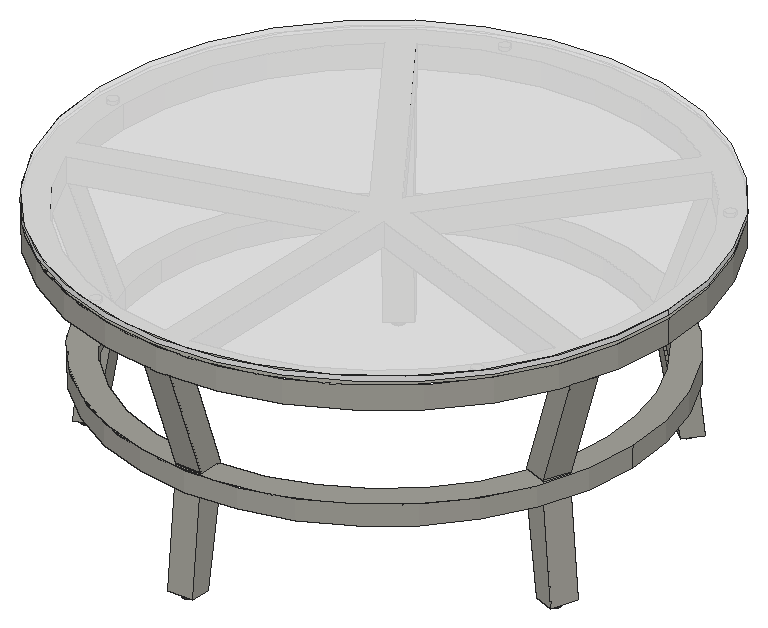
Revit family "Haworth_Janus_Slant_Table_Cocktail_Round", category Furniture, Revit 2018
Family settings
  OmniClass Number = 23.40.70.14.64.21
  OmniClass Title = Systems Furniture
  Work Plane-Based = No
  Always vertical = Yes
  Cut with Voids When Loaded = No
  Shared = No
  Room Calculation Point = No
Parameters (values of type "HCJC-SL-TON40-G")
  Warranty = "https://www.haworth.com/resources/product-info/warranties"
  URL - Product = "https://www.haworth.com/products/tables/outdoor/slant"
  Trim Finish [instance] = Haworth _ Paint _ Slant _ Sable
  Top Finish = Haworth _ Glass _ Frosted
  Radius = Actual Width / 2  # 20"
  Model = "HCJC-SL-TON40-G"
  URL = "http://www.haworth.com/our-brands/haworth-collection"
  Size = "Verify Final Dim. w/ Haworth"  # constant formula
  Revision Number = "2"  # constant formula
  Standard Height = "17.5 in."  # constant formula
  Manufacturer = "Haworth"  # constant formula
  Description = "Haworth Janus Slant Round Cocktail Table"
  Author = "Haworth (Abd Rahman)"  # constant formula
  Assembly Code = "E2020200"
  Actual Width = 40"  # constant formula
  Actual Height = 17 1/2"  # constant formula
  Table Thickness = Actual Height - 3/8"  # 17 1/8"
  Standard Depths = "40 in."  # constant formula
  Actual Depth = Actual Width  # 40"
Reference planes (in)
  plane 1 "Center F/B": y = -0.15866
  plane 2 "Floor": z = 0
  plane 3 "Center L/R": x = 0
  plane 4 "Table Edge Left": x = -20
  plane 5 "Table Edge Right": x = 20
  plane 6 "Table Edge Back": y = -20.15866
  plane 7 "Table Edge Front": y = 19.84134
  plane 8 "Table Top Top": z = 17.5
  plane 9: z = 0
  plane 10 "Table Bottom": z = 17.125
  plane 11: z = 16.94265
  plane 12: z = 15.3626
  plane 13: z = 7.95641
  plane 14: z = 6.70643
Forms (in)
  Extrusion 1, solid, material "Haworth _ Glass _ Frosted" <- "Top Finish"
    sketch origin (0, 0, 0) x (1, 0, 0) y (0, 1, 0)
      loop
        circle (0, -0.15866) r 20
    from 17.125 to 17.5
  Extrusion 2, solid, material "Haworth _ Paint _ Slant _ Sable" <- "Trim Finish"
    sketch origin (0, 0, 0) x (1, 0, 0) y (0, 1, 0)
      loop
        circle (15.42242, -11.26802) r 0.34129
      loop
        circle (15.32867, 11.08024) r 0.34129
      loop
        circle (-5.95726, 17.89387) r 0.34129
      loop
        circle (-19.00944, -0.23982) r 0.34129
      loop
        circle (-5.80124, -18.26271) r 0.34129
    from 16.94265 to 17.125
Lines and regions (in)
  Masking region 1
    outline origin (0, 0, 0) x (1, 0, 0) y (0, 1, 0)
      loop
        circle (-0.00461, -0.18229) r 19.99099
Dimensions and locks (in)
  "Actual Width": plane 4 "Table Edge Left" to plane 5 "Table Edge Right"
  equal spacing: plane 4 "Table Edge Left", plane 3 "Center L/R", plane 5 "Table Edge Right"
  "Actual Depth": plane 7 "Table Edge Front" to plane 6 "Table Edge Back"
  equal spacing: plane 7 "Table Edge Front", plane 1 "Center F/B", plane 6 "Table Edge Back"
  "Actual Height": plane 9 to plane 8 "Table Top Top"
  "Actual Height": plane 8 "Table Top Top" to plane 9
  radius of Extrusion 1 sketch curve = 20"
  aligned and locked: plane 8 "Table Top Top" to Extrusion 1  (x3)
  aligned and locked: Extrusion 1 to plane 10 "Table Bottom"  (x2)
  aligned and locked: plane 10 "Table Bottom" to Extrusion 2
  aligned and locked: Extrusion 2 to plane 11
Automatic sketch dimensions
  plane 1 "Center F/B" to Extrusion 1 sketch curve = 0"
  Extrusion 1 sketch curve to plane 3 "Center L/R" = 0"
  Masking region 1 sketch curve to plane 3 "Center L/R" = 0.00461"
  plane 1 "Center F/B" to Masking region 1 sketch curve = 0.02363"
  plane 1 "Center F/B" to Extrusion 2 sketch curve = 0.08116"
  plane 4 "Table Edge Left" to Extrusion 2 sketch curve = 0.99056"
  Extrusion 2 sketch curve to plane 7 "Table Edge Front" = 1.94747"
  Extrusion 2 sketch curve to plane 3 "Center L/R" = 5.95726"
  plane 6 "Table Edge Back" to Extrusion 2 sketch curve = 1.89595"
  Extrusion 2 sketch curve to plane 3 "Center L/R" = 5.80124"
  Extrusion 2 sketch curve to plane 5 "Table Edge Right" = 4.67133"
  Extrusion 2 sketch curve to plane 5 "Table Edge Right" = 4.57758"
  plane 6 "Table Edge Back" to Extrusion 2 sketch curve = 8 57/64"
  Extrusion 2 sketch curve to plane 7 "Table Edge Front" = 8.7611"
  radius of Extrusion 1 sketch curve = 20"
  radius of Masking region 1 sketch curve = 19.99099"
  radius of Extrusion 2 sketch curve = 0.34129"  (x5)
Nested families (in)
  nested 1: "Haworth_Janus_Slant_RoundCocktailTable_PART" at (-0.00461, -0.00019, 0.00977), Frame Finish <- "Trim Finish", type "HCJC-SL-TON40-G - PART"
    with Frame Finish Haworth _ Paint _ Slant _ Sable
Definition of nested family "Haworth_Janus_Slant_RoundCocktailTable_PART"
  Parameters (values of type "HCJC-SL-TON40-G - PART")
    Warranty = "https://www.haworth.com/resources/product-info/warranties"
    URL - Product = "https://www.haworth.com/products/tables/outdoor/slant"
    Model = "HCJC-SL-TON40-G"
    URL = "http://www.haworth.com/our-brands/haworth-collection"
    Size = "Verify Final Dim. w/ Haworth"  # constant formula
    Revision Number = "2"  # constant formula
    Manufacturer = "Haworth"  # constant formula
    Glide Height = 45" / 128  # 45/128"
    Glide Finish = none
    Frame Finish [instance] = none
    Description = "Haworth Slant Round Cocktail Table - PART"
    Author = "Haworth (Abd Rahman)"  # constant formula
    Assembly Code = "E2020200"
    Actual Height = 17 1/2"  # constant formula
  Reference planes (in)
    plane 1 "Center F/B": y = -0.15866
    plane 2 "Floor": z = 0
    plane 3 "Center L/R": x = 0
    plane 4: z = 0
    plane 5: z = 17.5
    plane 6: z = 8.00849
    plane 7: z = 6.64393
    plane 8 "Glide Top": z = 0.35156
  Forms (in)
    Extrusion 1, solid, material <- "Frame Finish"
      sketch origin (0, -9.75, 0) x (0, 1, 0) y (0, 0, 1)
        loop
          line (-8.6363, 15.34306) -> (-10.34069, 15.34306) -> (-7.66466, 8.10667) -> (-7.68174, 6.65852) -> (-8.34177, 0.35156) -> (-6.99016, 0.35156) -> (-5.95963, 6.547) -> (-5.95963, 8.10666) -> (-8.6363, 15.34306)
      from -0.87713 to 0.88474
    Revolve 2, solid, material <- "Glide Finish"
      sketch origin (0, -9.7356, -0.29687) x (0, 1, 0) y (0, 0, 1)
        loop
          line (-7.67368, 0.64844) -> (-8.04848, 0.64844) -> (-8.04848, 0.39688)
          arc (-8.04848, 0.39688) -> (-8.01919, 0.32617) -> (-7.94848, 0.29688) r 0.1
          line (-7.94848, 0.29688) -> (-7.67368, 0.29688) -> (-7.67368, 0.64844)
        axis (-7.67368, 0.64844) -> (-7.67368, 0.29688)
      angle from 0 to 360
    Revolve 3, solid, material <- "Glide Finish"
      sketch origin (-16.49349, 2.02636, -0.29687) x (0, 1, 0) y (0, 0, 1)
        loop
          line (-7.67368, 0.64844) -> (-8.04848, 0.64844) -> (-8.04848, 0.39688)
          arc (-8.04848, 0.39688) -> (-8.01919, 0.32617) -> (-7.94848, 0.29688) r 0.1
          line (-7.94848, 0.29688) -> (-7.67368, 0.29688) -> (-7.67368, 0.64844)
        axis (-7.67368, 0.64844) -> (-7.67368, 0.29688)
      angle from 0 to 360
    Revolve 4, solid, material <- "Glide Finish"
      sketch origin (-10.10325, 21.41164, -0.29687) x (0, 1, 0) y (0, 0, 1)
        loop
          line (-7.67368, 0.64844) -> (-8.04848, 0.64844) -> (-8.04848, 0.39688)
          arc (-8.04848, 0.39688) -> (-8.01919, 0.32617) -> (-7.94848, 0.29688) r 0.1
          line (-7.94848, 0.29688) -> (-7.67368, 0.29688) -> (-7.67368, 0.64844)
        axis (-7.67368, 0.64844) -> (-7.67368, 0.29688)
      angle from 0 to 360
    Revolve 5, solid, material <- "Glide Finish"
      sketch origin (10.1522, 21.41131, -0.29687) x (0, 1, 0) y (0, 0, 1)
        loop
          line (-7.67368, 0.64844) -> (-8.04848, 0.64844) -> (-8.04848, 0.39688)
          arc (-8.04848, 0.39688) -> (-8.01919, 0.32617) -> (-7.94848, 0.29688) r 0.1
          line (-7.94848, 0.29688) -> (-7.67368, 0.29688) -> (-7.67368, 0.64844)
        axis (-7.67368, 0.64844) -> (-7.67368, 0.29688)
      angle from 0 to 360
    Revolve 6, solid, material <- "Glide Finish"
      sketch origin (16.3946, 2.12034, -0.29687) x (0, 1, 0) y (0, 0, 1)
        loop
          line (-7.67368, 0.64844) -> (-8.04848, 0.64844) -> (-8.04848, 0.39688)
          arc (-8.04848, 0.39688) -> (-8.01919, 0.32617) -> (-7.94848, 0.29688) r 0.1
          line (-7.94848, 0.29688) -> (-7.67368, 0.29688) -> (-7.67368, 0.64844)
        axis (-7.67368, 0.64844) -> (-7.67368, 0.29688)
      angle from 0 to 360
    Extrusion 7, solid, material <- "Frame Finish"
      sketch origin (0, 0, 0) x (1, 0, 0) y (0, 1, 0)
        loop
          circle (0, -0.15866) r 15.73707
        loop
          circle (0, -0.15866) r 17.48941
      from 6.64393 to 8.00849
    Extrusion 8, solid, material <- "Frame Finish"
      sketch origin (-9.15481, -3.05279, 0) x (0.948712, 0.316142, 0) y (0, 0, 1)
        loop
          line (-8.6363, 15.34306) -> (-10.34069, 15.34306) -> (-7.66466, 8.10667) -> (-7.68174, 6.65852) -> (-8.34177, 0.35156) -> (-6.99016, 0.35156) -> (-5.95963, 6.547) -> (-5.95963, 8.10666) -> (-8.6363, 15.34306)
      from -0.87713 to 0.88474
    Extrusion 9, solid, material <- "Frame Finish"
      sketch origin (9.15481, -3.05279, 0) x (-0.948712, 0.316142, 0) y (0, 0, -1)
        loop
          line (-8.6363, -15.34306) -> (-5.95963, -8.10666) -> (-5.95963, -6.547) -> (-6.99016, -0.35156) -> (-8.34177, -0.35156) -> (-7.68174, -6.65852) -> (-7.66466, -8.10667) -> (-10.34069, -15.34306) -> (-8.6363, -15.34306)
      from -0.87713 to 0.88474
    Extrusion 10, solid, material <- "Frame Finish"
      sketch origin (-5.5827, 7.73606, 0) x (0.598608, -0.801042, 0) y (0, 0, 1)
        loop
          line (-8.6363, 15.34306) -> (-10.34069, 15.34306) -> (-7.66466, 8.10667) -> (-7.68174, 6.65852) -> (-8.34177, 0.35156) -> (-6.99016, 0.35156) -> (-5.95963, 6.547) -> (-5.95963, 8.10666) -> (-8.6363, 15.34306)
      from -0.87713 to 0.88474
    Extrusion 11, solid, material <- "Frame Finish"
      sketch origin (5.5827, 7.73606, 0) x (-0.598608, -0.801042, 0) y (0, 0, -1)
        loop
          line (-8.6363, -15.34306) -> (-5.95963, -8.10666) -> (-5.95963, -6.547) -> (-6.99016, -0.35156) -> (-8.34177, -0.35156) -> (-7.68174, -6.65852) -> (-7.66466, -8.10667) -> (-10.34069, -15.34306) -> (-8.6363, -15.34306)
      from -0.87713 to 0.88474
    Extrusion 12, solid, material <- "Frame Finish"
      sketch origin (0, 0.00179, 0) x (1, 0, 0) y (0, 1, 0)
        loop
          line (-11.50392, 14.26648) -> (-1.32432, 0.25642) -> (-17.72373, -5.07266) -> (-17.17743, -6.75381) -> (-0.77802, -1.42474) -> (-0.77747, -18.57943) -> (0.99022, -18.57943) -> (0.98966, -1.42468) -> (17.30492, -6.72524) -> (17.85111, -5.04405) -> (1.53585, 0.25651) -> (11.61868, 14.13528) -> (10.18856, 15.17425) -> (0.10573, 1.29548) -> (-10.07387, 15.30555) -> (-11.50392, 14.26648)
      from 15.34306 to 16.93333
    Extrusion 13, solid, material <- "Frame Finish"
      sketch origin (0, 0, 0) x (1, 0, 0) y (0, 1, 0)
        loop
          circle (0, -0.15866) r 20
        loop
          circle (0, -0.15866) r 18.36963
      from 15.34306 to 16.93333
  Cuts and joins
    joined: Extrusion 1, Extrusion 7, Extrusion 8, Extrusion 9, Extrusion 10, Extrusion 11
    joined: Extrusion 12, Extrusion 13
  Lines and regions (in)
    Masking region 1
      outline origin (0, 0, 0) x (1, 0, 0) y (0, 1, 0)
        loop
          line (1.40281, 0.30153) -> (11.48084, 14.17369) -> (10.05715, 15.22152) -> (-0.00484, 1.37144) -> (-10.0625, 15.21367) -> (-11.49255, 14.17461) -> (-1.43349, 0.33045) -> (-17.73423, -4.96657) -> (-17.18765, -6.64859) -> (-0.87767, -1.34857) -> (-0.87711, -18.51183) -> (0.89057, -18.51183) -> (0.89002, -1.39051) -> (17.17406, -6.68093) -> (17.72025, -4.99974) -> (1.40281, 0.30153)
    Masking region 2
      outline origin (0, 0, 0) x (1, 0, 0) y (0, 1, 0)
        loop
          circle (0, -0.15866) r 20
        loop
          circle (0, -0.15866) r 18.36963
    symbolic lines
      curve 1: line (-8.44757, 13.03503, 0) -> (-11.0701, 16.54444, 0)
      curve 2: line (-12.48144, 15.48977, 0) -> (-9.8589, 11.98036, 0)
      curve 3: line (-11.0701, 16.54444, 0) -> (-12.48144, 15.48977, 0)
      curve 4: line (-9.8589, 11.98036, 0) -> (-8.44757, 13.03503, 0)
      curve 5: line (9.8589, 11.98036, 0) -> (12.48144, 15.48977, 0)
      curve 6: line (11.0701, 16.54444, 0) -> (8.44757, 13.03503, 0)
      curve 7: line (8.44757, 13.03503, 0) -> (9.8589, 11.98036, 0)
      curve 8: line (12.48144, 15.48977, 0) -> (11.0701, 16.54444, 0)
      curve 9: line (14.52907, -5.77625, 0) -> (18.68543, -7.16128, 0)
      curve 10: line (19.24244, -5.48977, 0) -> (15.08608, -4.10474, 0)
      curve 11: line (18.68543, -7.16128, 0) -> (19.24244, -5.48977, 0)
      curve 12: line (15.08608, -4.10474, 0) -> (14.52907, -5.77625, 0)
      curve 13: line (-0.87713, -15.70963, 0) -> (-0.87713, -20.09069, 0)
      curve 14: line (0.88474, -20.09069, 0) -> (0.88474, -15.70963, 0)
      curve 15: line (-0.87713, -20.09069, 0) -> (0.88474, -20.09069, 0)
      curve 16: line (0.88474, -15.70963, 0) -> (-0.87713, -15.70963, 0)
      curve 17: line (-15.08608, -4.10474, 0) -> (-19.24244, -5.48977, 0)
      curve 18: line (-18.68543, -7.16128, 0) -> (-14.52907, -5.77625, 0)
      curve 19: line (-14.52907, -5.77625, 0) -> (-15.08608, -4.10474, 0)
      curve 20: line (-19.24244, -5.48977, 0) -> (-18.68543, -7.16128, 0)
  Dimensions and locks (in)
    "Glide Height": plane 8 "Glide Top" to plane 4
    "Actual Height": plane 5 to plane 4
    aligned and locked: plane 8 "Glide Top" to Revolve 2
    aligned and locked: plane 6 to Extrusion 7
    aligned and locked: Extrusion 7 to plane 7
  Automatic sketch dimensions
    Extrusion 1 sketch curve to plane 8 "Glide Top" = 0"
    Extrusion 1 sketch curve to plane 5 = 2.15694"
    plane 1 "Center F/B" to Extrusion 1 sketch curve = 19.93203"
    Extrusion 1 sketch curve to Extrusion 1 sketch curve = 1.70439"
    Extrusion 1 sketch curve to Extrusion 1 sketch curve = 0.29453"
    plane 7 to Extrusion 1 sketch curve = 0.0146"
    Extrusion 1 sketch curve to Extrusion 1 sketch curve = 0.66003"
    plane 6 to Extrusion 1 sketch curve = 0.09819"
    Extrusion 1 sketch curve to Extrusion 1 sketch curve = 0.01709"
    Extrusion 1 sketch curve to Extrusion 1 sketch curve = 1.35161"
    Extrusion 1 sketch curve to plane 7 = 0.09693"
    Extrusion 1 sketch curve to Extrusion 1 sketch curve = 1.72212"
    plane 6 to Extrusion 1 sketch curve = 0.09817"
    Revolve 2 sketch curve to plane 8 "Glide Top" = 0"
    plane 1 "Center F/B" to Revolve 2 sketch curve = 17.62543"
    level to Revolve 2 sketch curve = 0"
    Revolve 2 sketch curve to Revolve 2 sketch curve = 0.1"
    Revolve 2 sketch curve to Revolve 2 sketch curve = 0.2748"
    Revolve 2 sketch curve to Revolve 2 sketch curve = 0"
    Revolve 2 sketch curve to level = 0.00293"
    Revolve 2 sketch curve to plane 8 "Glide Top" = 0.00449"
    Revolve 3 sketch curve to plane 8 "Glide Top" = 0"
    plane 1 "Center F/B" to Revolve 3 sketch curve = 5.86346"
    level to Revolve 3 sketch curve = 0"
    Revolve 3 sketch curve to Revolve 3 sketch curve = 0.1"
    Revolve 3 sketch curve to Revolve 3 sketch curve = 0.2748"
    Revolve 3 sketch curve to Revolve 3 sketch curve = 0"
    Revolve 3 sketch curve to level = 0.00293"
    Revolve 3 sketch curve to Revolve 3 sketch curve = 0.00449"
    Revolve 4 sketch curve to plane 8 "Glide Top" = 0"
    Revolve 4 sketch curve to plane 1 "Center F/B" = 13.52182"
    level to Revolve 4 sketch curve = 0"
    Revolve 4 sketch curve to Revolve 4 sketch curve = 0.1"
    Revolve 4 sketch curve to Revolve 4 sketch curve = 0.2748"
    Revolve 4 sketch curve to Revolve 4 sketch curve = 0"
    Revolve 4 sketch curve to level = 0.00293"
    Revolve 4 sketch curve to Revolve 4 sketch curve = 0.00449"
    Revolve 5 sketch curve to plane 8 "Glide Top" = 0"
    Revolve 5 sketch curve to plane 1 "Center F/B" = 13.52148"
    level to Revolve 5 sketch curve = 0"
    Revolve 5 sketch curve to Revolve 5 sketch curve = 0.1"
    Revolve 5 sketch curve to Revolve 5 sketch curve = 0.2748"
    Revolve 5 sketch curve to Revolve 5 sketch curve = 0"
    Revolve 5 sketch curve to level = 0.00293"
    Revolve 5 sketch curve to Revolve 5 sketch curve = 0.00449"
    Revolve 6 sketch curve to plane 8 "Glide Top" = 0"
    plane 1 "Center F/B" to Revolve 6 sketch curve = 5.76948"
    level to Revolve 6 sketch curve = 0"
    Revolve 6 sketch curve to Revolve 6 sketch curve = 0.1"
    Revolve 6 sketch curve to Revolve 6 sketch curve = 0.2748"
    Revolve 6 sketch curve to Revolve 6 sketch curve = 0"
    Revolve 6 sketch curve to level = 0.00293"
    Revolve 6 sketch curve to Revolve 6 sketch curve = 0.00449"
    Extrusion 7 sketch curve to Extrusion 7 sketch curve = 0"  (x2)
    plane 1 "Center F/B" to Extrusion 7 sketch curve = 0"
    Extrusion 7 sketch curve to plane 3 "Center L/R" = 0"
    Extrusion 8 sketch curve to plane 8 "Glide Top" = 0"
    Extrusion 8 sketch curve to plane 5 = 2.15694"
    Extrusion 8 sketch curve to Extrusion 8 sketch curve = 1.70439"
    Extrusion 8 sketch curve to Extrusion 8 sketch curve = 0.29453"
    plane 7 to Extrusion 8 sketch curve = 0.0146"
    Extrusion 8 sketch curve to Extrusion 8 sketch curve = 0.66003"
    plane 6 to Extrusion 8 sketch curve = 0.09819"
    Extrusion 8 sketch curve to Extrusion 8 sketch curve = 0.01709"
    Extrusion 8 sketch curve to Extrusion 8 sketch curve = 1.35161"
    Extrusion 8 sketch curve to plane 7 = 0.09693"
    Extrusion 8 sketch curve to Extrusion 8 sketch curve = 1.72212"
    plane 6 to Extrusion 8 sketch curve = 0.09817"
    Extrusion 9 sketch curve to plane 8 "Glide Top" = 0"
    Extrusion 9 sketch curve to plane 5 = 2.15694"
    Extrusion 9 sketch curve to Extrusion 9 sketch curve = 1.70439"
    Extrusion 9 sketch curve to Extrusion 9 sketch curve = 0.29453"
    plane 7 to Extrusion 9 sketch curve = 0.0146"
    Extrusion 9 sketch curve to Extrusion 9 sketch curve = 0.66003"
    plane 6 to Extrusion 9 sketch curve = 0.09819"
    Extrusion 9 sketch curve to Extrusion 9 sketch curve = 0.01709"
    Extrusion 9 sketch curve to Extrusion 9 sketch curve = 1.35161"
    Extrusion 9 sketch curve to plane 7 = 0.09693"
    Extrusion 9 sketch curve to Extrusion 9 sketch curve = 1.72212"
    plane 6 to Extrusion 9 sketch curve = 0.09817"
    Extrusion 10 sketch curve to plane 8 "Glide Top" = 0"
    Extrusion 10 sketch curve to plane 5 = 2.15694"
    Extrusion 10 sketch curve to Extrusion 10 sketch curve = 1.70439"
    Extrusion 10 sketch curve to Extrusion 10 sketch curve = 0.29453"
    plane 7 to Extrusion 10 sketch curve = 0.0146"
    Extrusion 10 sketch curve to Extrusion 10 sketch curve = 0.66003"
    plane 6 to Extrusion 10 sketch curve = 0.09819"
    Extrusion 10 sketch curve to Extrusion 10 sketch curve = 0.01709"
    Extrusion 10 sketch curve to Extrusion 10 sketch curve = 1.35161"
    Extrusion 10 sketch curve to plane 7 = 0.09693"
    Extrusion 10 sketch curve to Extrusion 10 sketch curve = 1.72212"
    plane 6 to Extrusion 10 sketch curve = 0.09817"
    Extrusion 11 sketch curve to plane 8 "Glide Top" = 0"
    Extrusion 11 sketch curve to plane 5 = 2.15694"
    Extrusion 11 sketch curve to Extrusion 11 sketch curve = 1.70439"
    Extrusion 11 sketch curve to Extrusion 11 sketch curve = 0.29453"
    plane 7 to Extrusion 11 sketch curve = 0.0146"
    Extrusion 11 sketch curve to Extrusion 11 sketch curve = 0.66003"
    plane 6 to Extrusion 11 sketch curve = 0.09819"
    Extrusion 11 sketch curve to Extrusion 11 sketch curve = 0.01709"
    Extrusion 11 sketch curve to Extrusion 11 sketch curve = 1.35161"
    Extrusion 11 sketch curve to plane 7 = 0.09693"
    Extrusion 11 sketch curve to Extrusion 11 sketch curve = 1.72212"
    plane 6 to Extrusion 11 sketch curve = 0.09817"
    curve 2 to plane 3 "Center L/R" = 12.48144"
    curve 2 to plane 1 "Center F/B" = 15 83/128"
    curve 2 to curve 3 = 1 7/128"
    curve 2 to curve 2 = 2.62254"
    curve 2 to curve 1 = 1.41133"
    plane 3 "Center L/R" to curve 7 = 8.44757"
    curve 7 to curve 7 = 1.41133"
    curve 5 to plane 1 "Center F/B" = 12.13902"
    curve 5 to curve 6 = 1 7/128"
    curve 7 to curve 6 = 2.62254"
    plane 3 "Center L/R" to curve 11 = 18.68543"
    plane 1 "Center F/B" to curve 11 = 5.33111"
    curve 9 to curve 11 = 0.557"
    plane 1 "Center F/B" to curve 9 = 5.61759"
    plane 1 "Center F/B" to curve 10 = 3.94608"
    curve 13 to plane 3 "Center L/R" = 0.87713"
    plane 3 "Center L/R" to curve 14 = 0.88474"
    curve 14 to curve 9 = 14.31444"
    curve 13 to curve 13 = 4.38106"
    plane 1 "Center F/B" to curve 19 = 5.61759"
    curve 19 to plane 3 "Center L/R" = 14.52907"
    plane 1 "Center F/B" to curve 17 = 3.94608"
    curve 17 to curve 18 = 0.557"
    plane 1 "Center F/B" to curve 17 = 5.33111"
    plane 1 "Center F/B" to Extrusion 12 sketch curve = 4.91221"
    Extrusion 12 sketch curve to plane 3 "Center L/R" = 17.72373"
    plane 1 "Center F/B" to Extrusion 12 sketch curve = 6.59336"
    Extrusion 12 sketch curve to Extrusion 12 sketch curve = 0.5463"
    Extrusion 12 sketch curve to plane 3 "Center L/R" = 11 129/256"
    Extrusion 12 sketch curve to Extrusion 12 sketch curve = 1.43005"
    Extrusion 12 sketch curve to plane 1 "Center F/B" = 0.41687"
    Extrusion 12 sketch curve to plane 3 "Center L/R" = 1.32432"
    Extrusion 12 sketch curve to plane 3 "Center L/R" = 0.77802"
    plane 3 "Center L/R" to Extrusion 12 sketch curve = 0.10573"
    plane 3 "Center L/R" to Extrusion 12 sketch curve = 0.98966"
    Extrusion 12 sketch curve to plane 1 "Center F/B" = 0.41696"
    plane 3 "Center L/R" to Extrusion 12 sketch curve = 1.53585"
    plane 3 "Center L/R" to Extrusion 12 sketch curve = 10.18856"
    Extrusion 12 sketch curve to Extrusion 12 sketch curve = 1.43012"
    plane 1 "Center F/B" to Extrusion 12 sketch curve = 6.56479"
    Extrusion 12 sketch curve to Extrusion 12 sketch curve = 16.31526"
    plane 1 "Center F/B" to Extrusion 12 sketch curve = 4.8836"
    plane 1 "Center F/B" to Extrusion 12 sketch curve = 1.26422"
    Extrusion 12 sketch curve to plane 1 "Center F/B" = 1.45594"
    Extrusion 12 sketch curve to plane 1 "Center F/B" = 14.42694"
    Extrusion 12 sketch curve to plane 1 "Center F/B" = 14.29573"
    Extrusion 12 sketch curve to plane 3 "Center L/R" = 0.77747"
    plane 3 "Center L/R" to Extrusion 12 sketch curve = 0.99022"
    Extrusion 12 sketch curve to Extrusion 12 sketch curve = 17.15475"
    Extrusion 13 sketch curve to Extrusion 13 sketch curve = 0"  (x2)
    plane 1 "Center F/B" to Extrusion 13 sketch curve = 0"
    Extrusion 13 sketch curve to plane 3 "Center L/R" = 0"
    Masking region 2 sketch curve to Masking region 2 sketch curve = 0"  (x2)
    plane 1 "Center F/B" to Masking region 2 sketch curve = 0"
    Masking region 2 sketch curve to plane 3 "Center L/R" = 0"
    plane 1 "Center F/B" to Masking region 1 sketch curve = 4.80791"
    Masking region 1 sketch curve to plane 3 "Center L/R" = 17.73423"
    plane 1 "Center F/B" to Masking region 1 sketch curve = 6.48993"
    Masking region 1 sketch curve to Masking region 1 sketch curve = 0.54658"
    Masking region 1 sketch curve to plane 3 "Center L/R" = 11.49255"
    Masking region 1 sketch curve to Masking region 1 sketch curve = 1.43005"
    Masking region 1 sketch curve to plane 1 "Center F/B" = 0.48911"
    Masking region 1 sketch curve to plane 3 "Center L/R" = 1.43349"
    Masking region 1 sketch curve to plane 3 "Center L/R" = 0.87767"
    Masking region 1 sketch curve to plane 3 "Center L/R" = 0.87711"
    Masking region 1 sketch curve to plane 3 "Center L/R" = 0.00484"
    plane 3 "Center L/R" to Masking region 1 sketch curve = 0.89002"
    plane 3 "Center L/R" to Masking region 1 sketch curve = 0.89057"
    Masking region 1 sketch curve to plane 1 "Center F/B" = 0.46019"
    plane 3 "Center L/R" to Masking region 1 sketch curve = 1.40281"
    plane 3 "Center L/R" to Masking region 1 sketch curve = 10.05715"
    Masking region 1 sketch curve to Masking region 1 sketch curve = 1.42369"
    plane 1 "Center F/B" to Masking region 1 sketch curve = 6.52227"
    Masking region 1 sketch curve to Masking region 1 sketch curve = 16.28404"
    plane 1 "Center F/B" to Masking region 1 sketch curve = 4.84109"
    Masking region 1 sketch curve to Masking region 1 sketch curve = 0.54619"
    Masking region 1 sketch curve to Masking region 1 sketch curve = 17.16326"
    Masking region 1 sketch curve to plane 1 "Center F/B" = 1.5301"
    Masking region 1 sketch curve to plane 1 "Center F/B" = 14.33235"
    Masking region 1 sketch curve to plane 1 "Center F/B" = 14.33326"
    Masking region 1 sketch curve to Masking region 1 sketch curve = 1.04783"
    radius of Extrusion 7 sketch curve = 15.73707"
    radius of Extrusion 7 sketch curve = 17.48941"
    radius of Extrusion 13 sketch curve = 20"
    radius of Extrusion 13 sketch curve = 18.36963"
    radius of Masking region 2 sketch curve = 20"
    radius of Masking region 2 sketch curve = 18.36963"
